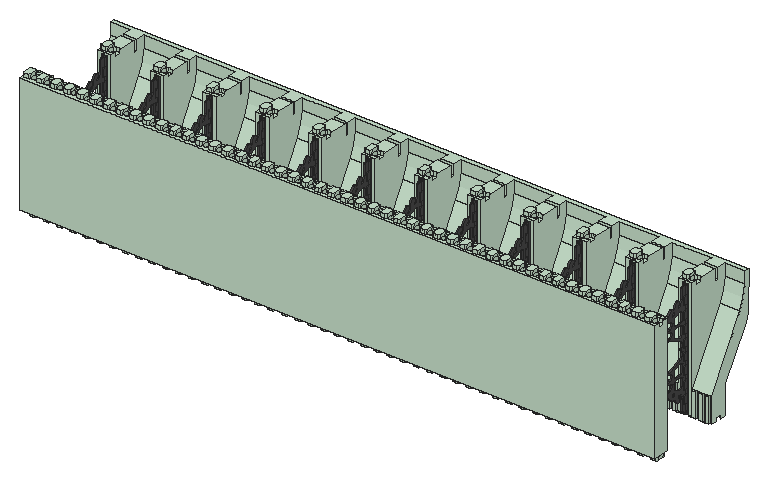
Revit family (continued)
Definition of nested family "8-inch Insert Web"
  Forms (in)
    Extrusion 2, solid, material "High Density Polystyrene"
      sketch origin (0, 0, 0) x (0, 1, 0) y (0, 0, 1)
        loop
          arc (1.30123, 11.31084) -> (1.48146, 11.4496) -> (1.6, 11.64374) r 0.62421
          line (1.6, 11.64374) -> (1.6, 12.05298)
        loop
          arc (-2.08806, 11.06421) -> (-1.87812, 11.24872) -> (-1.8, 11.51707) r 0.5
          line (-1.8, 11.51707) -> (-1.8, 11.62118) -> (-1.8, 11.92798)
          arc (-1.8, 11.92798) -> (-1.94645, 12.28153) -> (-2.3, 12.42798) r 0.5
          line (-2.3, 12.42798) -> (-3.25, 12.42798)
          arc (-3.25, 12.42798) -> (-3.42678, 12.35476) -> (-3.5, 12.17798) r 0.25
          line (-3.5, 12.17798) -> (-3.5, 10.99296)
          arc (-3.5, 10.99296) -> (-3.32627, 10.67655) -> (-2.96605, 10.65332) r 0.375
          line (-2.96605, 10.65332) -> (-2.08806, 11.06421)
        loop
          line (3.21194, 10.33912) -> (1.95372, 10.92796)
          arc (1.95372, 10.92796) -> (1.48851, 11.08642) -> (1, 11.14009) r 2.25
          line (1, 11.14009) -> (0, 11.14009) -> (-1, 11.14009)
          arc (-1, 11.14009) -> (-1.48851, 11.08642) -> (-1.95372, 10.92796) r 2.25
          line (-1.95372, 10.92796) -> (-3.21194, 10.33912)
          arc (-3.21194, 10.33912) -> (-3.42188, 10.15462) -> (-3.5, 9.88626) r 0.5
          line (-3.5, 9.88626) -> (-3.5, 9.31235) -> (-3.38, 9.11235) -> (-3.38, 9) -> (-3.38, 8.88765) -> (-3.5, 8.68765) -> (-3.5, 8.11374)
          arc (-3.5, 8.11374) -> (-3.42188, 7.84538) -> (-3.21194, 7.66088) r 0.5
          line (-3.21194, 7.66088) -> (-1.95372, 7.07204)
          arc (-1.95372, 7.07204) -> (-1.48851, 6.91358) -> (-1, 6.85991) r 2.25
          line (-1, 6.85991) -> (0, 6.85991) -> (1, 6.85991)
          arc (1, 6.85991) -> (1.48851, 6.91358) -> (1.95372, 7.07204) r 2.25
          line (1.95372, 7.07204) -> (3.21194, 7.66088)
          arc (3.21194, 7.66088) -> (3.42188, 7.84538) -> (3.5, 8.11374) r 0.5
          line (3.5, 8.11374) -> (3.5, 8.68765) -> (3.38, 8.88765) -> (3.38, 9) -> (3.38, 9.11235) -> (3.5, 9.31235) -> (3.5, 9.88626)
          arc (3.5, 9.88626) -> (3.42188, 10.15462) -> (3.21194, 10.33912) r 0.5
        loop
          arc (2.96605, 3.61736) -> (3.32627, 3.64059) -> (3.5, 3.95701) r 0.375
          line (3.5, 3.95701) -> (3.5, 5.14202)
          arc (3.5, 5.14202) -> (3.42678, 5.3188) -> (3.25, 5.39202) r 0.25
          line (3.25, 5.39202) -> (2.3, 5.39202)
          arc (2.3, 5.39202) -> (1.94645, 5.24557) -> (1.8, 4.89202) r 0.5
          line (1.8, 4.89202) -> (1.8, 4.48112)
          arc (1.8, 4.48112) -> (1.87812, 4.21276) -> (2.08806, 4.02826) r 0.5
          line (2.08806, 4.02826) -> (2.96605, 3.61736)
        loop
          arc (1.6, 5.01702) -> (1.45481, 5.24683) -> (1.225, 5.39202) r 0.61747
          line (1.225, 5.39202) -> (0, 5.39202) -> (-1.225, 5.39202)
          arc (-1.225, 5.39202) -> (-1.45481, 5.24683) -> (-1.6, 5.01702) r 0.61747
          line (-1.6, 5.01702) -> (-1.6, 4.60778)
          arc (-1.6, 4.60778) -> (-1.48146, 4.41365) -> (-1.30123, 4.27488) r 0.62421
          arc (-1.30123, 4.27488) -> (-1.16288, 4.28773) -> (-1.02401, 4.29202) r 2.25
          line (-1.02401, 4.29202) -> (0, 4.29202) -> (1.02401, 4.29202)
          arc (1.02401, 4.29202) -> (1.16288, 4.28773) -> (1.30123, 4.27488) r 2.25
          arc (1.30123, 4.27488) -> (1.48146, 4.41365) -> (1.6, 4.60778) r 0.62421
          line (1.6, 4.60778) -> (1.6, 5.01702)
        loop
          arc (-2.08806, 4.02826) -> (-1.87812, 4.21276) -> (-1.8, 4.48112) r 0.5
          line (-1.8, 4.48112) -> (-1.8, 4.58522) -> (-1.8, 4.89202)
          arc (-1.8, 4.89202) -> (-1.94645, 5.24557) -> (-2.3, 5.39202) r 0.5
          line (-2.3, 5.39202) -> (-3.25, 5.39202)
          arc (-3.25, 5.39202) -> (-3.42678, 5.3188) -> (-3.5, 5.14202) r 0.25
          line (-3.5, 5.14202) -> (-3.5, 3.95701)
          arc (-3.5, 3.95701) -> (-3.32627, 3.64059) -> (-2.96605, 3.61736) r 0.375
          line (-2.96605, 3.61736) -> (-2.08806, 4.02826)
        loop
          line (2.96605, 7.34668) -> (2.08806, 6.93579)
          arc (2.08806, 6.93579) -> (1.87812, 6.75128) -> (1.8, 6.48293) r 0.5
          line (1.8, 6.48293) -> (1.8, 6.07202)
          arc (1.8, 6.07202) -> (1.94645, 5.71847) -> (2.3, 5.57202) r 0.5
          line (2.3, 5.57202) -> (3.25, 5.57202)
          arc (3.25, 5.57202) -> (3.42678, 5.64524) -> (3.5, 5.82202) r 0.25
          line (3.5, 5.82202) -> (3.5, 7.00704)
          arc (3.5, 7.00704) -> (3.32627, 7.32345) -> (2.96605, 7.34668) r 0.375
        loop
          line (1.6, 5.94702) -> (1.6, 6.35626)
          arc (1.6, 6.35626) -> (1.48146, 6.5504) -> (1.30123, 6.68916) r 0.62421
          arc (1.30123, 6.68916) -> (1.16288, 6.67631) -> (1.02401, 6.67202) r 2.25
          line (1.02401, 6.67202) -> (0, 6.67202) -> (-1.02401, 6.67202)
          arc (-1.02401, 6.67202) -> (-1.16288, 6.67631) -> (-1.30123, 6.68916) r 2.25
          arc (-1.30123, 6.68916) -> (-1.48146, 6.5504) -> (-1.6, 6.35626) r 0.62421
          line (-1.6, 6.35626) -> (-1.6, 5.94702)
          arc (-1.6, 5.94702) -> (-1.45481, 5.71721) -> (-1.225, 5.57202) r 0.61747
          line (-1.225, 5.57202) -> (0, 5.57202) -> (1.225, 5.57202)
          arc (1.225, 5.57202) -> (1.45481, 5.71721) -> (1.6, 5.94702) r 0.61747
        loop
          line (-2.08806, 6.93579) -> (-2.96605, 7.34668)
          arc (-2.96605, 7.34668) -> (-3.32627, 7.32345) -> (-3.5, 7.00704) r 0.375
          line (-3.5, 7.00704) -> (-3.5, 5.82202)
          arc (-3.5, 5.82202) -> (-3.42678, 5.64524) -> (-3.25, 5.57202) r 0.25
          line (-3.25, 5.57202) -> (-2.3, 5.57202)
          arc (-2.3, 5.57202) -> (-1.94645, 5.71847) -> (-1.8, 6.07202) r 0.5
          line (-1.8, 6.07202) -> (-1.8, 6.37882) -> (-1.8, 6.48293)
          arc (-1.8, 6.48293) -> (-1.87812, 6.75128) -> (-2.08806, 6.93579) r 0.5
      from 0.125 to -0.125
    Extrusion 3, solid, material "High Density Polystyrene"
      sketch origin (0, 0, 0) x (0, 1, 0) y (0, 0, 1)
        loop
          line (4.21, 16.17792) -> (3.71, 16.17792) -> (3.71, 14.97792) -> (4.21, 14.97792) -> (4.21, 16.17792)
        loop
          line (4.21, 14.22792) -> (3.71, 14.22792) -> (3.71, 13.02792) -> (4.21, 13.02792) -> (4.21, 14.22792)
        loop
          line (4.21, 12.27792) -> (3.71, 12.27792) -> (3.71, 11.07792) -> (4.21, 11.07792) -> (4.21, 12.27792)
        loop
          line (4.21, 10.32792) -> (3.71, 10.32792) -> (3.71, 9.24792) -> (4.21, 9.24792) -> (4.21, 10.32792)
        loop
          line (4.21, 8.49792) -> (3.71, 8.49792) -> (3.71, 7.41792) -> (4.21, 7.41792) -> (4.21, 8.49792)
        loop
          line (4.21, 6.66792) -> (3.71, 6.66792) -> (3.71, 5.46792) -> (4.21, 5.46792) -> (4.21, 6.66792)
        loop
          line (4.21, 4.71792) -> (3.71, 4.71792) -> (3.71, 3.51792) -> (4.21, 3.51792) -> (4.21, 4.71792)
        loop
          line (4.21, 2.76792) -> (3.71, 2.76792) -> (3.71, 1.56792) -> (4.21, 1.56792) -> (4.21, 2.76792)
        loop
          line (-4.21, 16.17792) -> (-4.21, 14.97792) -> (-3.71, 14.97792) -> (-3.71, 16.17792) -> (-4.21, 16.17792)
        loop
          line (-4.21, 14.22792) -> (-4.21, 13.02792) -> (-3.71, 13.02792) -> (-3.71, 14.22792) -> (-4.21, 14.22792)
        loop
          line (-4.21, 12.27792) -> (-4.21, 11.07792) -> (-3.71, 11.07792) -> (-3.71, 12.27792) -> (-4.21, 12.27792)
        loop
          line (-4.21, 10.32792) -> (-4.21, 9.24792) -> (-3.71, 9.24792) -> (-3.71, 10.32792) -> (-4.21, 10.32792)
        loop
          line (-4.21, 8.49792) -> (-4.21, 7.41792) -> (-3.71, 7.41792) -> (-3.71, 8.49792) -> (-4.21, 8.49792)
        loop
          line (-4.21, 6.66792) -> (-4.21, 5.46792) -> (-3.71, 5.46792) -> (-3.71, 6.66792) -> (-4.21, 6.66792)
        loop
          line (-4.21, 4.71792) -> (-4.21, 3.51792) -> (-3.71, 3.51792) -> (-3.71, 4.71792) -> (-4.21, 4.71792)
        loop
          line (-4.21, 2.76792) -> (-4.21, 1.56792) -> (-3.71, 1.56792) -> (-3.71, 2.76792) -> (-4.21, 2.76792)
      from 0.25 to -0.25
    Extrusion 4, void
      sketch origin (0, 1, 0) x (1, 0, 0) y (0, 1, 0)
        loop
          line (-0.25, 2.79249) -> (-0.25, 2.71) -> (-0.1675, 2.71)
          arc (-0.1675, 2.71) -> (-0.22584, 2.73416) -> (-0.25, 2.79249) r 0.0825
      from 0 to 18
    Extrusion 5, void
      sketch origin (0, 1, 0) x (-1, 0, 0) y (0, -1, 0)
        loop
          arc (-0.25, -2.79249) -> (-0.22584, -2.73416) -> (-0.1675, -2.71) r 0.0825
          line (-0.1675, -2.71) -> (-0.25, -2.71) -> (-0.25, -2.79249)
      from 0 to 18
    Extrusion 6, void
      sketch origin (0, -1, 0) x (1, 0, 0) y (0, 1, 0)
        loop
          arc (-0.25, -2.79249) -> (-0.22584, -2.73416) -> (-0.1675, -2.71) r 0.0825
          line (-0.1675, -2.71) -> (-0.25, -2.71) -> (-0.25, -2.79249)
      from 0 to 18
    Extrusion 7, void
      sketch origin (0, -1, 0) x (-1, 0, 0) y (0, -1, 0)
        loop
          line (-0.25, 2.79249) -> (-0.25, 2.71) -> (-0.1675, 2.71)
          arc (-0.1675, 2.71) -> (-0.22584, 2.73416) -> (-0.25, 2.79249) r 0.0825
      from 0 to 18
  Cuts and joins
    Extrusion 4, Extrusion 5, Extrusion 6, Extrusion 7 cuts Extrusion 1
    Extrusion 4, Extrusion 5, Extrusion 6, Extrusion 7 cuts Extrusion 3
Definition of nested family "NUDURA Diamond Pattern"
  Reference planes (in)
    plane 1 "Center (Front/Back)": y = 0
    plane 2: z = 0
    plane 3 "Center (Left/Right)": x = 0
    plane 4: z = 18
  Lines and regions (in)
    model lines
      curve 1: line (8, -5.625, 18) -> (8, -5.625, 0)
      curve 2: line (6, -5.625, 18) -> (6, -5.625, 0)
      curve 3: line (2, -5.625, 18) -> (2, -5.625, 0)
      curve 4: line (3.35367, -5.625, 16.98484) -> (3.69709, -5.625, 16.64142)
      curve 5: arc (3.35367, -5.625, 17.51517) -> (3.24384, -5.625, 17.25) -> (3.35367, -5.625, 16.98484) r 0.375
      curve 6: line (3.72867, -5.625, 17.89017) -> (3.35367, -5.625, 17.51517)
      curve 7: arc (4.259, -5.625, 17.89017) -> (3.99384, -5.625, 18) -> (3.72867, -5.625, 17.89017) r 0.375
      curve 8: line (4.634, -5.625, 17.51517) -> (4.259, -5.625, 17.89017)
      curve 9: arc (4.634, -5.625, 16.98484) -> (4.74384, -5.625, 17.25) -> (4.634, -5.625, 17.51517) r 0.375
      curve 10: line (4.29059, -5.625, 16.64142) -> (4.634, -5.625, 16.98484)
      curve 11: arc (4.17062, -5.625, 17.80178) -> (3.99384, -5.625, 17.875) -> (3.81706, -5.625, 17.80178) r 0.25
      curve 12: line (4.54562, -5.625, 17.42678) -> (4.17062, -5.625, 17.80178)
      curve 13: arc (4.54562, -5.625, 17.07322) -> (4.61884, -5.625, 17.25) -> (4.54562, -5.625, 17.42678) r 0.25
      curve 14: line (4.17062, -5.625, 16.69822) -> (4.54562, -5.625, 17.07322)
      curve 15: arc (3.81706, -5.625, 16.69822) -> (3.99384, -5.625, 16.625) -> (4.17062, -5.625, 16.69822) r 0.25
      curve 16: line (3.44206, -5.625, 17.07322) -> (3.81706, -5.625, 16.69822)
      curve 17: arc (3.44206, -5.625, 17.42678) -> (3.36884, -5.625, 17.25) -> (3.44206, -5.625, 17.07322) r 0.25
      curve 18: line (3.81706, -5.625, 17.80178) -> (3.44206, -5.625, 17.42678)
      curve 19: arc (3.69709, -5.625, 16.35858) -> (3.75567, -5.625, 16.5) -> (3.69709, -5.625, 16.64142) r 0.2
      curve 20: line (4.634, -5.625, 16.01517) -> (4.29059, -5.625, 16.35858)
      curve 21: arc (4.634, -5.625, 15.48484) -> (4.74384, -5.625, 15.75) -> (4.634, -5.625, 16.01517) r 0.375
      curve 22: line (4.29059, -5.625, 15.14142) -> (4.634, -5.625, 15.48484)
      curve 23: line (3.35367, -5.625, 15.48484) -> (3.69709, -5.625, 15.14142)
      curve 24: arc (3.35367, -5.625, 16.01517) -> (3.24384, -5.625, 15.75) -> (3.35367, -5.625, 15.48484) r 0.375
      curve 25: line (3.69709, -5.625, 16.35858) -> (3.35367, -5.625, 16.01517)
      curve 26: arc (4.17062, -5.625, 16.30178) -> (3.99384, -5.625, 16.375) -> (3.81706, -5.625, 16.30178) r 0.25
      curve 27: line (3.81706, -5.625, 16.30178) -> (3.44206, -5.625, 15.92678)
      curve 28: arc (3.44206, -5.625, 15.92678) -> (3.36884, -5.625, 15.75) -> (3.44206, -5.625, 15.57322) r 0.25
      curve 29: line (3.44206, -5.625, 15.57322) -> (3.81706, -5.625, 15.19822)
      curve 30: arc (3.81706, -5.625, 15.19822) -> (3.99384, -5.625, 15.125) -> (4.17062, -5.625, 15.19822) r 0.25
      curve 31: line (4.17062, -5.625, 15.19822) -> (4.54562, -5.625, 15.57322)
      curve 32: arc (4.54562, -5.625, 15.57322) -> (4.61884, -5.625, 15.75) -> (4.54562, -5.625, 15.92678) r 0.25
      curve 33: line (4.54562, -5.625, 15.92678) -> (4.17062, -5.625, 16.30178)
      curve 34: arc (3.69709, -5.625, 14.85858) -> (3.75567, -5.625, 15) -> (3.69709, -5.625, 15.14142) r 0.2
      curve 35: line (4.634, -5.625, 14.51517) -> (4.29059, -5.625, 14.85858)
      curve 36: arc (4.634, -5.625, 13.98484) -> (4.74384, -5.625, 14.25) -> (4.634, -5.625, 14.51517) r 0.375
      curve 37: line (4.29059, -5.625, 13.64142) -> (4.634, -5.625, 13.98484)
      curve 38: line (3.35367, -5.625, 13.98484) -> (3.69709, -5.625, 13.64142)
      curve 39: arc (3.35367, -5.625, 14.51517) -> (3.24384, -5.625, 14.25) -> (3.35367, -5.625, 13.98484) r 0.375
      curve 40: line (3.69709, -5.625, 14.85858) -> (3.35367, -5.625, 14.51517)
      curve 41: arc (4.17062, -5.625, 14.80178) -> (3.99384, -5.625, 14.875) -> (3.81706, -5.625, 14.80178) r 0.25
      curve 42: line (3.81706, -5.625, 14.80178) -> (3.44206, -5.625, 14.42678)
      curve 43: arc (3.44206, -5.625, 14.42678) -> (3.36884, -5.625, 14.25) -> (3.44206, -5.625, 14.07322) r 0.25
      curve 44: line (3.44206, -5.625, 14.07322) -> (3.81706, -5.625, 13.69822)
      curve 45: arc (3.81706, -5.625, 13.69822) -> (3.99384, -5.625, 13.625) -> (4.17062, -5.625, 13.69822) r 0.25
      curve 46: line (4.17062, -5.625, 13.69822) -> (4.54562, -5.625, 14.07322)
      curve 47: arc (4.54562, -5.625, 14.07322) -> (4.61884, -5.625, 14.25) -> (4.54562, -5.625, 14.42678) r 0.25
      curve 48: line (4.54562, -5.625, 14.42678) -> (4.17062, -5.625, 14.80178)
      curve 49: arc (3.69709, -5.625, 13.35858) -> (3.75567, -5.625, 13.5) -> (3.69709, -5.625, 13.64142) r 0.2
      curve 50: line (4.634, -5.625, 13.01517) -> (4.29059, -5.625, 13.35858)
      curve 51: arc (4.634, -5.625, 12.48484) -> (4.74384, -5.625, 12.75) -> (4.634, -5.625, 13.01517) r 0.375
      curve 52: line (4.29059, -5.625, 12.14142) -> (4.634, -5.625, 12.48484)
      curve 53: line (3.35367, -5.625, 12.48484) -> (3.69709, -5.625, 12.14142)
      curve 54: arc (3.35367, -5.625, 13.01517) -> (3.24384, -5.625, 12.75) -> (3.35367, -5.625, 12.48484) r 0.375
      curve 55: line (3.69709, -5.625, 13.35858) -> (3.35367, -5.625, 13.01517)
      curve 56: arc (4.17062, -5.625, 13.30178) -> (3.99384, -5.625, 13.375) -> (3.81706, -5.625, 13.30178) r 0.25
      curve 57: line (3.81706, -5.625, 13.30178) -> (3.44206, -5.625, 12.92678)
      curve 58: arc (3.44206, -5.625, 12.92678) -> (3.36884, -5.625, 12.75) -> (3.44206, -5.625, 12.57322) r 0.25
      curve 59: line (3.44206, -5.625, 12.57322) -> (3.81706, -5.625, 12.19822)
      curve 60: arc (3.81706, -5.625, 12.19822) -> (3.99384, -5.625, 12.125) -> (4.17062, -5.625, 12.19822) r 0.25
      curve 61: line (4.17062, -5.625, 12.19822) -> (4.54562, -5.625, 12.57322)
      curve 62: arc (4.54562, -5.625, 12.57322) -> (4.61884, -5.625, 12.75) -> (4.54562, -5.625, 12.92678) r 0.25
      curve 63: line (4.54562, -5.625, 12.92678) -> (4.17062, -5.625, 13.30178)
      curve 64: arc (3.69709, -5.625, 11.85858) -> (3.75567, -5.625, 12) -> (3.69709, -5.625, 12.14142) r 0.2
      curve 65: line (4.634, -5.625, 11.51517) -> (4.29059, -5.625, 11.85858)
      curve 66: arc (4.634, -5.625, 10.98484) -> (4.74384, -5.625, 11.25) -> (4.634, -5.625, 11.51517) r 0.375
      curve 67: line (4.29059, -5.625, 10.64142) -> (4.634, -5.625, 10.98484)
      curve 68: line (3.35367, -5.625, 10.98484) -> (3.69709, -5.625, 10.64142)
      curve 69: arc (3.35367, -5.625, 11.51517) -> (3.24384, -5.625, 11.25) -> (3.35367, -5.625, 10.98484) r 0.375
      curve 70: line (3.69709, -5.625, 11.85858) -> (3.35367, -5.625, 11.51517)
      curve 71: arc (4.17062, -5.625, 11.80178) -> (3.99384, -5.625, 11.875) -> (3.81706, -5.625, 11.80178) r 0.25
      curve 72: line (3.81706, -5.625, 11.80178) -> (3.44206, -5.625, 11.42678)
      curve 73: arc (3.44206, -5.625, 11.42678) -> (3.36884, -5.625, 11.25) -> (3.44206, -5.625, 11.07322) r 0.25
      curve 74: line (3.44206, -5.625, 11.07322) -> (3.81706, -5.625, 10.69822)
      curve 75: arc (3.81706, -5.625, 10.69822) -> (3.99384, -5.625, 10.625) -> (4.17062, -5.625, 10.69822) r 0.25
      curve 76: line (4.17062, -5.625, 10.69822) -> (4.54562, -5.625, 11.07322)
      curve 77: arc (4.54562, -5.625, 11.07322) -> (4.61884, -5.625, 11.25) -> (4.54562, -5.625, 11.42678) r 0.25
      curve 78: line (4.54562, -5.625, 11.42678) -> (4.17062, -5.625, 11.80178)
      curve 79: arc (3.69709, -5.625, 10.35858) -> (3.75567, -5.625, 10.5) -> (3.69709, -5.625, 10.64142) r 0.2
      curve 80: line (4.634, -5.625, 10.01517) -> (4.29059, -5.625, 10.35858)
      curve 81: arc (4.634, -5.625, 9.48484) -> (4.74384, -5.625, 9.75) -> (4.634, -5.625, 10.01517) r 0.375
      curve 82: line (4.29059, -5.625, 9.14142) -> (4.634, -5.625, 9.48484)
      curve 83: line (3.35367, -5.625, 9.48484) -> (3.69709, -5.625, 9.14142)
      curve 84: arc (3.35367, -5.625, 10.01517) -> (3.24384, -5.625, 9.75) -> (3.35367, -5.625, 9.48484) r 0.375
      curve 85: line (3.69709, -5.625, 10.35858) -> (3.35367, -5.625, 10.01517)
      curve 86: arc (4.17062, -5.625, 10.30178) -> (3.99384, -5.625, 10.375) -> (3.81706, -5.625, 10.30178) r 0.25
      curve 87: line (3.81706, -5.625, 10.30178) -> (3.44206, -5.625, 9.92678)
      curve 88: arc (3.44206, -5.625, 9.92678) -> (3.36884, -5.625, 9.75) -> (3.44206, -5.625, 9.57322) r 0.25
      curve 89: line (3.44206, -5.625, 9.57322) -> (3.81706, -5.625, 9.19822)
      curve 90: arc (3.81706, -5.625, 9.19822) -> (3.99384, -5.625, 9.125) -> (4.17062, -5.625, 9.19822) r 0.25
      curve 91: line (4.17062, -5.625, 9.19822) -> (4.54562, -5.625, 9.57322)
      curve 92: arc (4.54562, -5.625, 9.57322) -> (4.61884, -5.625, 9.75) -> (4.54562, -5.625, 9.92678) r 0.25
      curve 93: line (4.54562, -5.625, 9.92678) -> (4.17062, -5.625, 10.30178)
      curve 94: arc (3.69709, -5.625, 8.85858) -> (3.75567, -5.625, 9) -> (3.69709, -5.625, 9.14142) r 0.2
      curve 95: line (4.634, -5.625, 8.51517) -> (4.29059, -5.625, 8.85858)
      curve 96: arc (4.634, -5.625, 7.98484) -> (4.74384, -5.625, 8.25) -> (4.634, -5.625, 8.51517) r 0.375
      curve 97: line (4.29059, -5.625, 7.64142) -> (4.634, -5.625, 7.98484)
      curve 98: line (3.35367, -5.625, 7.98484) -> (3.69709, -5.625, 7.64142)
      curve 99: arc (3.35367, -5.625, 8.51517) -> (3.24384, -5.625, 8.25) -> (3.35367, -5.625, 7.98484) r 0.375
      curve 100: line (3.69709, -5.625, 8.85858) -> (3.35367, -5.625, 8.51517)
      curve 101: arc (4.17062, -5.625, 8.80178) -> (3.99384, -5.625, 8.875) -> (3.81706, -5.625, 8.80178) r 0.25
      curve 102: line (3.81706, -5.625, 8.80178) -> (3.44206, -5.625, 8.42678)
      curve 103: arc (3.44206, -5.625, 8.42678) -> (3.36884, -5.625, 8.25) -> (3.44206, -5.625, 8.07322) r 0.25
      curve 104: line (3.44206, -5.625, 8.07322) -> (3.81706, -5.625, 7.69822)
      curve 105: arc (3.81706, -5.625, 7.69822) -> (3.99384, -5.625, 7.625) -> (4.17062, -5.625, 7.69822) r 0.25
      curve 106: line (4.17062, -5.625, 7.69822) -> (4.54562, -5.625, 8.07322)
      curve 107: arc (4.54562, -5.625, 8.07322) -> (4.61884, -5.625, 8.25) -> (4.54562, -5.625, 8.42678) r 0.25
      curve 108: line (4.54562, -5.625, 8.42678) -> (4.17062, -5.625, 8.80178)
      curve 109: arc (3.69709, -5.625, 7.35858) -> (3.75567, -5.625, 7.5) -> (3.69709, -5.625, 7.64142) r 0.2
      curve 110: line (4.634, -5.625, 7.01517) -> (4.29059, -5.625, 7.35858)
      curve 111: arc (4.634, -5.625, 6.48484) -> (4.74384, -5.625, 6.75) -> (4.634, -5.625, 7.01517) r 0.375
      curve 112: line (4.29059, -5.625, 6.14142) -> (4.634, -5.625, 6.48484)
      curve 113: line (3.35367, -5.625, 6.48484) -> (3.69709, -5.625, 6.14142)
      curve 114: arc (3.35367, -5.625, 7.01517) -> (3.24384, -5.625, 6.75) -> (3.35367, -5.625, 6.48484) r 0.375
      curve 115: line (3.69709, -5.625, 7.35858) -> (3.35367, -5.625, 7.01517)
      curve 116: arc (4.17062, -5.625, 7.30178) -> (3.99384, -5.625, 7.375) -> (3.81706, -5.625, 7.30178) r 0.25
      curve 117: line (3.81706, -5.625, 7.30178) -> (3.44206, -5.625, 6.92678)
      curve 118: arc (3.44206, -5.625, 6.92678) -> (3.36884, -5.625, 6.75) -> (3.44206, -5.625, 6.57322) r 0.25
      curve 119: line (3.44206, -5.625, 6.57322) -> (3.81706, -5.625, 6.19822)
      curve 120: arc (3.81706, -5.625, 6.19822) -> (3.99384, -5.625, 6.125) -> (4.17062, -5.625, 6.19822) r 0.25
      curve 121: line (4.17062, -5.625, 6.19822) -> (4.54562, -5.625, 6.57322)
      curve 122: arc (4.54562, -5.625, 6.57322) -> (4.61884, -5.625, 6.75) -> (4.54562, -5.625, 6.92678) r 0.25
      curve 123: line (4.54562, -5.625, 6.92678) -> (4.17062, -5.625, 7.30178)
      curve 124: arc (3.69709, -5.625, 5.85858) -> (3.75567, -5.625, 6) -> (3.69709, -5.625, 6.14142) r 0.2
      curve 125: line (4.634, -5.625, 5.51517) -> (4.29059, -5.625, 5.85858)
      curve 126: arc (4.634, -5.625, 4.98484) -> (4.74384, -5.625, 5.25) -> (4.634, -5.625, 5.51517) r 0.375
      curve 127: line (4.29059, -5.625, 4.64142) -> (4.634, -5.625, 4.98484)
      curve 128: line (3.35367, -5.625, 4.98484) -> (3.69709, -5.625, 4.64142)
      curve 129: arc (3.35367, -5.625, 5.51517) -> (3.24384, -5.625, 5.25) -> (3.35367, -5.625, 4.98484) r 0.375
      curve 130: line (3.69709, -5.625, 5.85858) -> (3.35367, -5.625, 5.51517)
      curve 131: arc (4.17062, -5.625, 5.80178) -> (3.99384, -5.625, 5.875) -> (3.81706, -5.625, 5.80178) r 0.25
      curve 132: line (3.81706, -5.625, 5.80178) -> (3.44206, -5.625, 5.42678)
      curve 133: arc (3.44206, -5.625, 5.42678) -> (3.36884, -5.625, 5.25) -> (3.44206, -5.625, 5.07322) r 0.25
      curve 134: line (3.44206, -5.625, 5.07322) -> (3.81706, -5.625, 4.69822)
      curve 135: arc (3.81706, -5.625, 4.69822) -> (3.99384, -5.625, 4.625) -> (4.17062, -5.625, 4.69822) r 0.25
      curve 136: line (4.17062, -5.625, 4.69822) -> (4.54562, -5.625, 5.07322)
      curve 137: arc (4.54562, -5.625, 5.07322) -> (4.61884, -5.625, 5.25) -> (4.54562, -5.625, 5.42678) r 0.25
      curve 138: line (4.54562, -5.625, 5.42678) -> (4.17062, -5.625, 5.80178)
      curve 139: arc (3.69709, -5.625, 4.35858) -> (3.75567, -5.625, 4.5) -> (3.69709, -5.625, 4.64142) r 0.2
      curve 140: line (4.634, -5.625, 4.01517) -> (4.29059, -5.625, 4.35858)
      curve 141: arc (4.634, -5.625, 3.48484) -> (4.74384, -5.625, 3.75) -> (4.634, -5.625, 4.01517) r 0.375
      curve 142: line (4.29059, -5.625, 3.14142) -> (4.634, -5.625, 3.48484)
      curve 143: line (3.35367, -5.625, 3.48484) -> (3.69709, -5.625, 3.14142)
      curve 144: arc (3.35367, -5.625, 4.01517) -> (3.24384, -5.625, 3.75) -> (3.35367, -5.625, 3.48484) r 0.375
      curve 145: line (3.69709, -5.625, 4.35858) -> (3.35367, -5.625, 4.01517)
      curve 146: arc (4.17062, -5.625, 4.30178) -> (3.99384, -5.625, 4.375) -> (3.81706, -5.625, 4.30178) r 0.25
      curve 147: line (3.81706, -5.625, 4.30178) -> (3.44206, -5.625, 3.92678)
      curve 148: arc (3.44206, -5.625, 3.92678) -> (3.36884, -5.625, 3.75) -> (3.44206, -5.625, 3.57322) r 0.25
      curve 149: line (3.44206, -5.625, 3.57322) -> (3.81706, -5.625, 3.19822)
      curve 150: arc (3.81706, -5.625, 3.19822) -> (3.99384, -5.625, 3.125) -> (4.17062, -5.625, 3.19822) r 0.25
      curve 151: line (4.17062, -5.625, 3.19822) -> (4.54562, -5.625, 3.57322)
      curve 152: arc (4.54562, -5.625, 3.57322) -> (4.61884, -5.625, 3.75) -> (4.54562, -5.625, 3.92678) r 0.25
      curve 153: line (4.54562, -5.625, 3.92678) -> (4.17062, -5.625, 4.30178)
      curve 154: arc (3.69709, -5.625, 2.85858) -> (3.75567, -5.625, 3) -> (3.69709, -5.625, 3.14142) r 0.2
      curve 155: line (4.634, -5.625, 2.51517) -> (4.29059, -5.625, 2.85858)
      curve 156: arc (4.634, -5.625, 1.98484) -> (4.74384, -5.625, 2.25) -> (4.634, -5.625, 2.51517) r 0.375
      curve 157: line (4.29059, -5.625, 1.64142) -> (4.634, -5.625, 1.98484)
      curve 158: line (3.35367, -5.625, 1.98484) -> (3.69709, -5.625, 1.64142)
      curve 159: arc (3.35367, -5.625, 2.51517) -> (3.24384, -5.625, 2.25) -> (3.35367, -5.625, 1.98484) r 0.375
      curve 160: line (3.69709, -5.625, 2.85858) -> (3.35367, -5.625, 2.51517)
      curve 161: arc (4.17062, -5.625, 2.80178) -> (3.99384, -5.625, 2.875) -> (3.81706, -5.625, 2.80178) r 0.25
      curve 162: line (3.81706, -5.625, 2.80178) -> (3.44206, -5.625, 2.42678)
      curve 163: arc (3.44206, -5.625, 2.42678) -> (3.36884, -5.625, 2.25) -> (3.44206, -5.625, 2.07322) r 0.25
      curve 164: line (3.44206, -5.625, 2.07322) -> (3.81706, -5.625, 1.69822)
      curve 165: arc (3.81706, -5.625, 1.69822) -> (3.99384, -5.625, 1.625) -> (4.17062, -5.625, 1.69822) r 0.25
      curve 166: line (4.17062, -5.625, 1.69822) -> (4.54562, -5.625, 2.07322)
      curve 167: arc (4.54562, -5.625, 2.07322) -> (4.61884, -5.625, 2.25) -> (4.54562, -5.625, 2.42678) r 0.25
      curve 168: line (4.54562, -5.625, 2.42678) -> (4.17062, -5.625, 2.80178)
      curve 169: arc (3.69709, -5.625, 1.35858) -> (3.75567, -5.625, 1.5) -> (3.69709, -5.625, 1.64142) r 0.2
      curve 170: line (3.69709, -5.625, 1.35858) -> (3.35367, -5.625, 1.01517)
      curve 171: arc (3.35367, -5.625, 1.01517) -> (3.24384, -5.625, 0.75) -> (3.35367, -5.625, 0.48484) r 0.375
      curve 172: line (3.35367, -5.625, 0.48484) -> (3.72867, -5.625, 0.10984)
      curve 173: arc (3.72867, -5.625, 0.10984) -> (3.99384, -5.625, 0) -> (4.259, -5.625, 0.10984) r 0.375
      curve 174: line (4.259, -5.625, 0.10984) -> (4.634, -5.625, 0.48484)
      curve 175: arc (4.634, -5.625, 0.48484) -> (4.74384, -5.625, 0.75) -> (4.634, -5.625, 1.01517) r 0.375
      curve 176: line (4.634, -5.625, 1.01517) -> (4.29059, -5.625, 1.35858)
      curve 177: arc (4.29059, -5.625, 1.64142) -> (4.23201, -5.625, 1.5) -> (4.29059, -5.625, 1.35858) r 0.2
      curve 178: arc (4.17062, -5.625, 1.30178) -> (3.99384, -5.625, 1.375) -> (3.81706, -5.625, 1.30178) r 0.25
      curve 179: line (4.54562, -5.625, 0.92678) -> (4.17062, -5.625, 1.30178)
      curve 180: arc (4.54562, -5.625, 0.57322) -> (4.61884, -5.625, 0.75) -> (4.54562, -5.625, 0.92678) r 0.25
      curve 181: line (4.17062, -5.625, 0.19822) -> (4.54562, -5.625, 0.57322)
      curve 182: arc (3.81706, -5.625, 0.19822) -> (3.99384, -5.625, 0.125) -> (4.17062, -5.625, 0.19822) r 0.25
      curve 183: line (3.44206, -5.625, 0.57322) -> (3.81706, -5.625, 0.19822)
      curve 184: arc (3.44206, -5.625, 0.92678) -> (3.36884, -5.625, 0.75) -> (3.44206, -5.625, 0.57322) r 0.25
      curve 185: line (3.81706, -5.625, 1.30178) -> (3.44206, -5.625, 0.92678)
      curve 186: arc (4.29059, -5.625, 3.14142) -> (4.23201, -5.625, 3) -> (4.29059, -5.625, 2.85858) r 0.2
      curve 187: arc (4.29059, -5.625, 4.64142) -> (4.23201, -5.625, 4.5) -> (4.29059, -5.625, 4.35858) r 0.2
      curve 188: arc (4.29059, -5.625, 6.14142) -> (4.23201, -5.625, 6) -> (4.29059, -5.625, 5.85858) r 0.2
      curve 189: arc (4.29059, -5.625, 7.64142) -> (4.23201, -5.625, 7.5) -> (4.29059, -5.625, 7.35858) r 0.2
      curve 190: arc (4.29059, -5.625, 9.14142) -> (4.23201, -5.625, 9) -> (4.29059, -5.625, 8.85858) r 0.2
      curve 191: arc (4.29059, -5.625, 10.64142) -> (4.23201, -5.625, 10.5) -> (4.29059, -5.625, 10.35858) r 0.2
      curve 192: arc (4.29059, -5.625, 12.14142) -> (4.23201, -5.625, 12) -> (4.29059, -5.625, 11.85858) r 0.2
      curve 193: arc (4.29059, -5.625, 13.64142) -> (4.23201, -5.625, 13.5) -> (4.29059, -5.625, 13.35858) r 0.2
      curve 194: arc (4.29059, -5.625, 15.14142) -> (4.23201, -5.625, 15) -> (4.29059, -5.625, 14.85858) r 0.2
      curve 195: arc (4.29059, -5.625, 16.64142) -> (4.23201, -5.625, 16.5) -> (4.29059, -5.625, 16.35858) r 0.2
Definition of nested family "NUDURA Logo Diamond"
  Reference planes (in)
    plane 1 "Center (Front/Back)": y = 0
    plane 2: z = 0
    plane 3 "Center (Left/Right)": x = 0
  Lines and regions (in)
    model lines
      curve 1: line (12.59848, 0, 17.50104) -> (12.24492, 0, 17.85459)
      curve 2: line (12.36113, 0, 16.76872) -> (12.59848, 0, 17.00607)
      curve 3: line (12.59848, 0, 16.00104) -> (12.36113, 0, 16.23839)
      curve 4: line (12.36113, 0, 15.26872) -> (12.59848, 0, 15.50607)
      curve 5: line (12.59848, 0, 14.50104) -> (12.36113, 0, 14.73839)
      curve 6: line (12.36113, 0, 13.76872) -> (12.59848, 0, 14.00607)
      curve 7: line (12.17421, 0, 13.28388) -> (12.71208, 0, 12.74602)
      curve 8: line (12.71208, 0, 12.74602) -> (12.78279, 0, 12.81673)
      curve 9: line (11.28279, 0, 12.74602) -> (11.82066, 0, 13.28388)
      curve 10: line (11.63374, 0, 13.23839) -> (11.21208, 0, 12.81673)
      curve 11: line (11.3964, 0, 14.00607) -> (11.63374, 0, 13.76872)
      curve 12: line (11.63374, 0, 14.73839) -> (11.3964, 0, 14.50104)
      curve 13: line (11.3964, 0, 15.50607) -> (11.63374, 0, 15.26872)
      curve 14: line (11.63374, 0, 16.23839) -> (11.3964, 0, 16.00104)
      curve 15: line (11.3964, 0, 17.00607) -> (11.63374, 0, 16.76872)
      curve 16: line (11.74995, 0, 17.85459) -> (11.3964, 0, 17.50104)
      curve 17: line (11.82066, 0, 17.78388) -> (11.46711, 0, 17.43033)
      curve 18: line (12.52777, 0, 17.43033) -> (12.17421, 0, 17.78388)
      curve 19: line (12.17421, 0, 16.72322) -> (12.52777, 0, 17.07678)
      curve 20: line (11.46711, 0, 17.07678) -> (11.82066, 0, 16.72322)
      curve 21: arc (11.3964, 0, 17.50104) -> (11.29388, 0, 17.25355) -> (11.3964, 0, 17.00607) r 0.35
      curve 22: arc (11.74995, 0, 17.85459) -> (11.99744, 0, 17.95711) -> (12.24492, 0, 17.85459) r 0.35
      curve 23: arc (11.46711, 0, 17.43033) -> (11.39388, 0, 17.25355) -> (11.46711, 0, 17.07678) r 0.25
      curve 24: arc (12.52777, 0, 17.43033) -> (12.60099, 0, 17.25355) -> (12.52777, 0, 17.07678) r 0.25
      curve 25: arc (12.17421, 0, 16.72322) -> (11.99744, 0, 16.65) -> (11.82066, 0, 16.72322) r 0.25
      curve 26: arc (11.82066, 0, 17.78388) -> (11.99744, 0, 17.85711) -> (12.17421, 0, 17.78388) r 0.25
      curve 27: arc (12.59848, 0, 17.50104) -> (12.70099, 0, 17.25355) -> (12.59848, 0, 17.00607) r 0.35
      curve 28: arc (11.63374, 0, 16.76872) -> (11.74358, 0, 16.50355) -> (11.63374, 0, 16.23839) r 0.375
      curve 29: arc (12.36113, 0, 16.76872) -> (12.2513, 0, 16.50355) -> (12.36113, 0, 16.23839) r 0.375
      curve 30: line (12.36113, 0, 15.26872) -> (12.59848, 0, 15.50607)
      curve 31: line (11.3964, 0, 15.50607) -> (11.63374, 0, 15.26872)
      curve 32: line (11.82066, 0, 16.28388) -> (11.46711, 0, 15.93033)
      curve 33: line (12.52777, 0, 15.93033) -> (12.17421, 0, 16.28388)
      curve 34: line (12.17421, 0, 15.22322) -> (12.52777, 0, 15.57678)
      curve 35: line (11.46711, 0, 15.57678) -> (11.82066, 0, 15.22322)
      curve 36: arc (11.3964, 0, 16.00104) -> (11.29388, 0, 15.75355) -> (11.3964, 0, 15.50607) r 0.35
      curve 37: arc (11.46711, 0, 15.93033) -> (11.39388, 0, 15.75355) -> (11.46711, 0, 15.57678) r 0.25
      curve 38: arc (12.52777, 0, 15.93033) -> (12.60099, 0, 15.75355) -> (12.52777, 0, 15.57678) r 0.25
      curve 39: arc (12.17421, 0, 15.22322) -> (11.99744, 0, 15.15) -> (11.82066, 0, 15.22322) r 0.25
      curve 40: arc (11.82066, 0, 16.28388) -> (11.99744, 0, 16.35711) -> (12.17421, 0, 16.28388) r 0.25
      curve 41: arc (12.59848, 0, 16.00104) -> (12.70099, 0, 15.75355) -> (12.59848, 0, 15.50607) r 0.35
      curve 42: line (11.63374, 0, 16.23839) -> (11.3964, 0, 16.00104)
      curve 43: line (12.59848, 0, 16.00104) -> (12.36113, 0, 16.23839)
      curve 44: arc (11.63374, 0, 15.26872) -> (11.74358, 0, 15.00355) -> (11.63374, 0, 14.73839) r 0.375
      curve 45: arc (12.36113, 0, 15.26872) -> (12.2513, 0, 15.00355) -> (12.36113, 0, 14.73839) r 0.375
      curve 46: line (12.36113, 0, 13.76872) -> (12.59848, 0, 14.00607)
      curve 47: line (11.3964, 0, 14.00607) -> (11.63374, 0, 13.76872)
      curve 48: line (11.82066, 0, 14.78388) -> (11.46711, 0, 14.43033)
      curve 49: line (12.52777, 0, 14.43033) -> (12.17421, 0, 14.78388)
      curve 50: line (12.17421, 0, 13.72322) -> (12.52777, 0, 14.07678)
      curve 51: line (11.46711, 0, 14.07678) -> (11.82066, 0, 13.72322)
      curve 52: arc (11.3964, 0, 14.50104) -> (11.29388, 0, 14.25355) -> (11.3964, 0, 14.00607) r 0.35
      curve 53: arc (11.46711, 0, 14.43033) -> (11.39388, 0, 14.25355) -> (11.46711, 0, 14.07678) r 0.25
      curve 54: arc (12.52777, 0, 14.43033) -> (12.60099, 0, 14.25355) -> (12.52777, 0, 14.07678) r 0.25
      curve 55: arc (12.17421, 0, 13.72322) -> (11.99744, 0, 13.65) -> (11.82066, 0, 13.72322) r 0.25
      curve 56: arc (11.82066, 0, 14.78388) -> (11.99744, 0, 14.85711) -> (12.17421, 0, 14.78388) r 0.25
      curve 57: arc (12.59848, 0, 14.50104) -> (12.70099, 0, 14.25355) -> (12.59848, 0, 14.00607) r 0.35
      curve 58: line (11.63374, 0, 14.73839) -> (11.3964, 0, 14.50104)
      curve 59: arc (11.63374, 0, 13.76872) -> (11.74358, 0, 13.50355) -> (11.63374, 0, 13.23839) r 0.375
      curve 60: arc (12.36113, 0, 13.76872) -> (12.2513, 0, 13.50355) -> (12.36113, 0, 13.23839) r 0.375
      curve 61: line (12.78279, 0, 12.81673) -> (12.36113, 0, 13.23839)
      curve 62: line (11.21208, 0, 12.81673) -> (11.28279, 0, 12.74602)
      curve 63: arc (11.82066, 0, 13.28388) -> (11.99744, 0, 13.35711) -> (12.17421, 0, 13.28388) r 0.25
      curve 64: line (12.59848, 0, 0.50607) -> (12.24492, 0, 0.15251)
      curve 65: line (12.36113, 0, 1.23839) -> (12.59848, 0, 1.00104)
      curve 66: line (12.59848, 0, 2.00607) -> (12.36113, 0, 1.76872)
      curve 67: line (12.36113, 0, 2.73839) -> (12.59848, 0, 2.50104)
      curve 68: line (12.59848, 0, 3.50607) -> (12.36113, 0, 3.26872)
      curve 69: line (12.36113, 0, 4.23839) -> (12.59848, 0, 4.00104)
      curve 70: line (12.17421, 0, 4.72322) -> (12.71208, 0, 5.26109)
      curve 71: line (12.71208, 0, 5.26109) -> (12.78279, 0, 5.19038)
      curve 72: line (11.28279, 0, 5.26109) -> (11.82066, 0, 4.72322)
      curve 73: line (11.63374, 0, 4.76872) -> (11.21208, 0, 5.19038)
      curve 74: line (11.3964, 0, 4.00104) -> (11.63374, 0, 4.23839)
      curve 75: line (11.63374, 0, 3.26872) -> (11.3964, 0, 3.50607)
      curve 76: line (11.3964, 0, 2.50104) -> (11.63374, 0, 2.73839)
      curve 77: line (11.63374, 0, 1.76872) -> (11.3964, 0, 2.00607)
      curve 78: line (11.3964, 0, 1.00104) -> (11.63374, 0, 1.23839)
      curve 79: line (11.74995, 0, 0.15251) -> (11.3964, 0, 0.50607)
      curve 80: line (11.82066, 0, 0.22322) -> (11.46711, 0, 0.57678)
      curve 81: line (12.52777, 0, 0.57678) -> (12.17421, 0, 0.22322)
      curve 82: line (12.17421, 0, 1.28388) -> (12.52777, 0, 0.93033)
      curve 83: line (11.46711, 0, 0.93033) -> (11.82066, 0, 1.28388)
      curve 84: arc (11.3964, 0, 0.50607) -> (11.29388, 0, 0.75355) -> (11.3964, 0, 1.00104) r 0.35
      curve 85: arc (11.74995, 0, 0.15251) -> (11.99744, 0, 0.05) -> (12.24492, 0, 0.15251) r 0.35
      curve 86: arc (11.46711, 0, 0.57678) -> (11.39388, 0, 0.75355) -> (11.46711, 0, 0.93033) r 0.25
      curve 87: arc (12.52777, 0, 0.57678) -> (12.60099, 0, 0.75355) -> (12.52777, 0, 0.93033) r 0.25
      curve 88: arc (12.17421, 0, 1.28388) -> (11.99744, 0, 1.35711) -> (11.82066, 0, 1.28388) r 0.25
      curve 89: arc (11.82066, 0, 0.22322) -> (11.99744, 0, 0.15) -> (12.17421, 0, 0.22322) r 0.25
      curve 90: arc (12.59848, 0, 0.50607) -> (12.70099, 0, 0.75355) -> (12.59848, 0, 1.00104) r 0.35
      curve 91: arc (11.63374, 0, 1.23839) -> (11.74358, 0, 1.50355) -> (11.63374, 0, 1.76872) r 0.375
      curve 92: arc (12.36113, 0, 1.23839) -> (12.2513, 0, 1.50355) -> (12.36113, 0, 1.76872) r 0.375
      curve 93: line (12.36113, 0, 2.73839) -> (12.59848, 0, 2.50104)
      curve 94: line (11.3964, 0, 2.50104) -> (11.63374, 0, 2.73839)
      curve 95: line (11.82066, 0, 1.72322) -> (11.46711, 0, 2.07678)
      curve 96: line (12.52777, 0, 2.07678) -> (12.17421, 0, 1.72322)
      curve 97: line (12.17421, 0, 2.78388) -> (12.52777, 0, 2.43033)
      curve 98: line (11.46711, 0, 2.43033) -> (11.82066, 0, 2.78388)
      curve 99: arc (11.3964, 0, 2.00607) -> (11.29388, 0, 2.25355) -> (11.3964, 0, 2.50104) r 0.35
      curve 100: arc (11.46711, 0, 2.07678) -> (11.39388, 0, 2.25355) -> (11.46711, 0, 2.43033) r 0.25
      curve 101: arc (12.52777, 0, 2.07678) -> (12.60099, 0, 2.25355) -> (12.52777, 0, 2.43033) r 0.25
      curve 102: arc (12.17421, 0, 2.78388) -> (11.99744, 0, 2.85711) -> (11.82066, 0, 2.78388) r 0.25
      curve 103: arc (11.82066, 0, 1.72322) -> (11.99744, 0, 1.65) -> (12.17421, 0, 1.72322) r 0.25
      curve 104: arc (12.59848, 0, 2.00607) -> (12.70099, 0, 2.25355) -> (12.59848, 0, 2.50104) r 0.35
      curve 105: line (11.63374, 0, 1.76872) -> (11.3964, 0, 2.00607)
      curve 106: line (12.59848, 0, 2.00607) -> (12.36113, 0, 1.76872)
      curve 107: arc (11.63374, 0, 2.73839) -> (11.74358, 0, 3.00355) -> (11.63374, 0, 3.26872) r 0.375
      curve 108: arc (12.36113, 0, 2.73839) -> (12.2513, 0, 3.00355) -> (12.36113, 0, 3.26872) r 0.375
      curve 109: line (12.36113, 0, 4.23839) -> (12.59848, 0, 4.00104)
      curve 110: line (11.3964, 0, 4.00104) -> (11.63374, 0, 4.23839)
      curve 111: line (11.82066, 0, 3.22322) -> (11.46711, 0, 3.57678)
      curve 112: line (12.52777, 0, 3.57678) -> (12.17421, 0, 3.22322)
      curve 113: line (12.17421, 0, 4.28388) -> (12.52777, 0, 3.93033)
      curve 114: line (11.46711, 0, 3.93033) -> (11.82066, 0, 4.28388)
      curve 115: arc (11.3964, 0, 3.50607) -> (11.29388, 0, 3.75355) -> (11.3964, 0, 4.00104) r 0.35
      curve 116: arc (11.46711, 0, 3.57678) -> (11.39388, 0, 3.75355) -> (11.46711, 0, 3.93033) r 0.25
      curve 117: arc (12.52777, 0, 3.57678) -> (12.60099, 0, 3.75355) -> (12.52777, 0, 3.93033) r 0.25
      curve 118: arc (12.17421, 0, 4.28388) -> (11.99744, 0, 4.35711) -> (11.82066, 0, 4.28388) r 0.25
      curve 119: arc (11.82066, 0, 3.22322) -> (11.99744, 0, 3.15) -> (12.17421, 0, 3.22322) r 0.25
      curve 120: arc (12.59848, 0, 3.50607) -> (12.70099, 0, 3.75355) -> (12.59848, 0, 4.00104) r 0.35
      curve 121: line (11.63374, 0, 3.26872) -> (11.3964, 0, 3.50607)
      curve 122: arc (11.63374, 0, 4.23839) -> (11.74358, 0, 4.50355) -> (11.63374, 0, 4.76872) r 0.375
      curve 123: arc (12.36113, 0, 4.23839) -> (12.2513, 0, 4.50355) -> (12.36113, 0, 4.76872) r 0.375
      curve 124: line (12.78279, 0, 5.19038) -> (12.36113, 0, 4.76872)
      curve 125: line (11.21208, 0, 5.19038) -> (11.28279, 0, 5.26109)
      curve 126: arc (11.82066, 0, 4.72322) -> (11.99744, 0, 4.65) -> (12.17421, 0, 4.72322) r 0.25
      curve 127: line (12.37244, 0, 12.50355) -> (11.62244, 0, 12.50355)
      curve 128: line (12.74744, 0, 5.87855) -> (12.74744, 0, 12.12855)
      curve 129: line (11.24744, 0, 12.12855) -> (11.24744, 0, 5.87855)
      curve 130: line (11.62244, 0, 5.50355) -> (12.37244, 0, 5.50355)
      curve 131: line (12.47232, 0, 12.00355) -> (12.0393, 0, 12.25355)
      curve 132: line (12.47232, 0, 11.50355) -> (12.47232, 0, 12.00355)
      curve 133: line (12.25581, 0, 11.37855) -> (12.47232, 0, 11.50355)
      curve 134: line (12.02256, 0, 11.51322) -> (12.25581, 0, 11.37855)
      curve 135: line (12.22232, 0, 11.62855) -> (12.02256, 0, 11.51322)
      curve 136: line (11.80605, 0, 12.11888) -> (12.22232, 0, 11.87855)
      curve 137: line (12.22232, 0, 11.87855) -> (12.22232, 0, 11.62855)
      curve 138: line (12.0393, 0, 12.25355) -> (11.80605, 0, 12.11888)
      curve 139: line (11.77256, 0, 11.63822) -> (11.97232, 0, 11.75355)
      curve 140: line (11.97232, 0, 11.75355) -> (11.73906, 0, 11.88822)
      curve 141: line (11.73906, 0, 11.88822) -> (11.52256, 0, 11.76322)
      curve 142: line (11.52256, 0, 11.76322) -> (11.52256, 0, 11.26322)
      curve 143: line (11.77256, 0, 11.38822) -> (11.77256, 0, 11.63822)
      curve 144: line (12.18882, 0, 11.14789) -> (11.77256, 0, 11.38822)
      curve 145: line (11.95557, 0, 11.01322) -> (12.18882, 0, 11.14789)
      curve 146: line (11.52256, 0, 11.26322) -> (11.95557, 0, 11.01322)
      curve 147: line (12.31108, 0, 10.60411) -> (11.68379, 0, 10.74458)
      curve 148: line (11.68379, 0, 10.74458) -> (11.68379, 0, 10.51321)
      curve 149: line (11.68379, 0, 10.51321) -> (12.1295, 0, 10.41405)
      curve 150: line (12.1295, 0, 10.41405) -> (11.68379, 0, 10.27358)
      curve 151: line (11.68379, 0, 10.27358) -> (11.68379, 0, 9.8852)
      curve 152: line (11.68379, 0, 9.8852) -> (12.17077, 0, 9.77615)
      curve 153: line (12.17077, 0, 9.77615) -> (12.17077, 0, 9.74472)
      curve 154: line (12.17077, 0, 9.74472) -> (11.86146, 0, 9.80279)
      curve 155: line (11.68379, 0, 9.65536) -> (11.68379, 0, 9.35864)
      curve 156: line (12.07077, 0, 8.74385) -> (12.07077, 0, 8.99996)
      curve 157: line (12.07077, 0, 8.99996) -> (11.68379, 0, 9.08605)
      curve 158: line (11.68379, 0, 9.08605) -> (11.68379, 0, 8.47809)
      curve 159: line (11.91823, 0, 9.06589) -> (12.31108, 0, 8.97792)
      curve 160: line (11.82444, 0, 8.55476) -> (11.82444, 0, 8.79865)
      curve 161: line (11.82444, 0, 8.79865) -> (12.07077, 0, 8.74385)
      curve 162: line (11.68379, 0, 8.07193) -> (11.68379, 0, 7.77522)
      curve 163: line (11.91823, 0, 7.48247) -> (12.21108, 0, 7.41688)
      curve 164: line (12.21108, 0, 7.41688) -> (12.21108, 0, 6.95405)
      curve 165: line (12.16108, 0, 6.90405) -> (12.12077, 0, 6.90405)
      curve 166: line (12.07077, 0, 6.95405) -> (12.07077, 0, 7.08675)
      curve 167: line (12.07077, 0, 7.08675) -> (12.12077, 0, 7.07556)
      curve 168: line (12.12077, 0, 7.07556) -> (12.12077, 0, 7.33463)
      curve 169: line (12.12077, 0, 7.33463) -> (11.68379, 0, 7.43249)
      curve 170: line (11.68379, 0, 7.43249) -> (11.68379, 0, 7.17341)
      curve 171: line (11.68379, 0, 7.17341) -> (11.97077, 0, 7.10915)
      curve 172: line (11.97077, 0, 7.10915) -> (11.97077, 0, 6.99425)
      curve 173: line (11.92077, 0, 6.94425) -> (11.68379, 0, 6.94425)
      curve 174: line (11.68379, 0, 6.94425) -> (11.68379, 0, 6.45682)
      curve 175: line (11.68379, 0, 6.45682) -> (11.78284, 0, 6.38658)
      curve 176: line (11.78284, 0, 6.38658) -> (11.78284, 0, 6.05178)
      curve 177: line (12.12371, 0, 6.14486) -> (11.88284, 0, 6.31567)
      curve 178: line (11.88284, 0, 6.31567) -> (11.88284, 0, 6.07909)
      curve 179: line (11.88284, 0, 6.07909) -> (12.12371, 0, 6.14486)
      curve 180: line (11.78284, 0, 6.05178) -> (11.68379, 0, 6.02474)
      curve 181: line (11.68379, 0, 6.02474) -> (11.68379, 0, 5.75355)
      curve 182: line (11.68379, 0, 5.75355) -> (12.31108, 0, 5.92483)
      curve 183: line (12.31108, 0, 5.92483) -> (12.31108, 0, 6.28791)
      curve 184: line (12.31108, 0, 6.28791) -> (11.76249, 0, 6.67694)
      curve 185: line (11.76249, 0, 6.67694) -> (11.90321, 0, 6.67694)
      curve 186: line (12.31108, 0, 6.78674) -> (12.31108, 0, 7.63562)
      curve 187: line (12.31108, 0, 7.63562) -> (11.90258, 0, 7.7271)
      curve 188: line (11.82444, 0, 7.82469) -> (11.82444, 0, 7.92839)
      curve 189: line (11.88536, 0, 7.97718) -> (12.31108, 0, 7.88185)
      curve 190: line (12.31108, 0, 7.88185) -> (12.31108, 0, 8.13496)
      curve 191: line (12.31108, 0, 8.13496) -> (12.08042, 0, 8.17826)
      curve 192: line (12.31108, 0, 8.38353) -> (12.31108, 0, 8.9465)
      curve 193: line (12.31108, 0, 8.9465) -> (12.17077, 0, 8.97771)
      curve 194: line (12.17077, 0, 8.97771) -> (12.17077, 0, 8.55476)
      curve 195: line (12.31108, 0, 8.97792) -> (12.31108, 0, 9.21905)
      curve 196: line (12.31108, 0, 9.21905) -> (11.90258, 0, 9.31053)
      curve 197: line (11.82444, 0, 9.40811) -> (11.82444, 0, 9.51182)
      curve 198: line (11.87938, 0, 9.56195) -> (12.31108, 0, 9.46528)
      curve 199: line (12.31108, 0, 9.46528) -> (12.31108, 0, 9.98469)
      curve 200: line (12.31108, 0, 9.98469) -> (11.90664, 0, 10.07526)
      curve 201: line (11.90664, 0, 10.07526) -> (12.31108, 0, 10.20747)
      curve 202: line (12.31108, 0, 10.20747) -> (12.31108, 0, 10.60411)
      curve 203: arc (11.68379, 0, 9.65536) -> (11.73801, 0, 9.7708) -> (11.86146, 0, 9.80279) r 0.15
      curve 204: arc (11.68379, 0, 9.35864) -> (11.74962, 0, 9.17112) -> (11.91823, 0, 9.06589) r 0.3
      curve 205: arc (11.84417, 0, 8.22149) -> (11.72718, 0, 8.32679) -> (11.68379, 0, 8.47809) r 0.28547
      curve 206: arc (11.68379, 0, 8.07193) -> (11.73147, 0, 8.18158) -> (11.84417, 0, 8.22149) r 0.14992
      curve 207: arc (11.68379, 0, 7.77522) -> (11.74962, 0, 7.58769) -> (11.91823, 0, 7.48247) r 0.3
      curve 208: arc (11.82444, 0, 7.82469) -> (11.84638, 0, 7.76218) -> (11.90258, 0, 7.7271) r 0.1
      curve 209: arc (11.82444, 0, 7.92839) -> (11.84318, 0, 7.96742) -> (11.88536, 0, 7.97718) r 0.05
      curve 210: arc (12.12077, 0, 6.90405) -> (12.08541, 0, 6.91869) -> (12.07077, 0, 6.95405) r 0.05
      curve 211: arc (12.16108, 0, 6.90405) -> (12.19644, 0, 6.91869) -> (12.21108, 0, 6.95405) r 0.05
      curve 212: arc (11.97077, 0, 6.99425) -> (11.95612, 0, 6.95889) -> (11.92077, 0, 6.94425) r 0.05
      curve 213: arc (11.90321, 0, 6.67694) -> (11.96756, 0, 6.70069) -> (12.00104, 0, 6.76055) r 0.09904
      curve 214: arc (12.00104, 0, 6.76055) -> (12.1681, 0, 6.63117) -> (12.31108, 0, 6.78674) r 0.15613
      curve 215: arc (12.08042, 0, 8.17826) -> (12.24181, 0, 8.22914) -> (12.31108, 0, 8.38353) r 0.20667
      curve 216: arc (11.82444, 0, 8.55476) -> (11.9976, 0, 8.3816) -> (12.17077, 0, 8.55476) r 0.17317
      curve 217: arc (11.82444, 0, 9.40811) -> (11.84638, 0, 9.34561) -> (11.90258, 0, 9.31053) r 0.1
      curve 218: arc (11.82444, 0, 9.51182) -> (11.8459, 0, 9.55306) -> (11.892, 0, 9.55913) r 0.05034
      curve 219: arc (11.24744, 0, 12.12855) -> (11.35727, 0, 12.39372) -> (11.62244, 0, 12.50355) r 0.375
      curve 220: arc (12.37244, 0, 12.50355) -> (12.6376, 0, 12.39372) -> (12.74744, 0, 12.12855) r 0.375
      curve 221: arc (11.24744, 0, 5.87855) -> (11.35727, 0, 5.61339) -> (11.62244, 0, 5.50355) r 0.375
      curve 222: arc (12.37244, 0, 5.50355) -> (12.6376, 0, 5.61339) -> (12.74744, 0, 5.87855) r 0.375
      curve 223: line (9.99744, 0, 18) -> (9.99744, 0, 0)
      curve 224: line (13.99744, 0, 18) -> (13.99744, 0, 0)
      curve 225: line (15.99744, 0, 18) -> (15.99744, 0, 0)
Definition of nested family "NUDURA Brick Ledge Diamond Pattern"
  Reference planes (in)
    plane 1 "Center (Front/Back)": y = 0
    plane 2: z = 0
    plane 3 "Center (Left/Right)": x = 0
    plane 4: z = 4
  Lines and regions (in)
    model lines
      curve 1: line (8, -5.625, 4) -> (8, -5.625, 0)
      curve 2: line (6, -5.625, 4) -> (6, -5.625, 0)
      curve 3: line (2, -5.625, 4) -> (2, -5.625, 0)
      curve 4: arc (4.634, -5.625, 3.48484) -> (4.74384, -5.625, 3.75) -> (4.634, -5.625, 4.01517) r 0.375
      curve 5: line (4.29059, -5.625, 3.14142) -> (4.634, -5.625, 3.48484)
      curve 6: line (3.35367, -5.625, 3.48484) -> (3.69709, -5.625, 3.14142)
      curve 7: arc (3.35367, -5.625, 4.01517) -> (3.24384, -5.625, 3.75) -> (3.35367, -5.625, 3.48484) r 0.375
      curve 8: arc (4.17062, -5.625, 4.30178) -> (3.99384, -5.625, 4.375) -> (3.81706, -5.625, 4.30178) r 0.25
      curve 9: line (3.81706, -5.625, 4.30178) -> (3.44206, -5.625, 3.92678)
      curve 10: arc (3.44206, -5.625, 3.92678) -> (3.36884, -5.625, 3.75) -> (3.44206, -5.625, 3.57322) r 0.25
      curve 11: line (3.44206, -5.625, 3.57322) -> (3.81706, -5.625, 3.19822)
      curve 12: arc (3.81706, -5.625, 3.19822) -> (3.99384, -5.625, 3.125) -> (4.17062, -5.625, 3.19822) r 0.25
      curve 13: line (4.17062, -5.625, 3.19822) -> (4.54562, -5.625, 3.57322)
      curve 14: arc (4.54562, -5.625, 3.57322) -> (4.61884, -5.625, 3.75) -> (4.54562, -5.625, 3.92678) r 0.25
      curve 15: line (4.54562, -5.625, 3.92678) -> (4.17062, -5.625, 4.30178)
      curve 16: arc (3.69709, -5.625, 2.85858) -> (3.75567, -5.625, 3) -> (3.69709, -5.625, 3.14142) r 0.2
      curve 17: line (4.634, -5.625, 2.51517) -> (4.29059, -5.625, 2.85858)
      curve 18: arc (4.634, -5.625, 1.98484) -> (4.74384, -5.625, 2.25) -> (4.634, -5.625, 2.51517) r 0.375
      curve 19: line (4.29059, -5.625, 1.64142) -> (4.634, -5.625, 1.98484)
      curve 20: line (3.35367, -5.625, 1.98484) -> (3.69709, -5.625, 1.64142)
      curve 21: arc (3.35367, -5.625, 2.51517) -> (3.24384, -5.625, 2.25) -> (3.35367, -5.625, 1.98484) r 0.375
      curve 22: line (3.69709, -5.625, 2.85858) -> (3.35367, -5.625, 2.51517)
      curve 23: arc (4.17062, -5.625, 2.80178) -> (3.99384, -5.625, 2.875) -> (3.81706, -5.625, 2.80178) r 0.25
      curve 24: line (3.81706, -5.625, 2.80178) -> (3.44206, -5.625, 2.42678)
      curve 25: arc (3.44206, -5.625, 2.42678) -> (3.36884, -5.625, 2.25) -> (3.44206, -5.625, 2.07322) r 0.25
      curve 26: line (3.44206, -5.625, 2.07322) -> (3.81706, -5.625, 1.69822)
      curve 27: arc (3.81706, -5.625, 1.69822) -> (3.99384, -5.625, 1.625) -> (4.17062, -5.625, 1.69822) r 0.25
      curve 28: line (4.17062, -5.625, 1.69822) -> (4.54562, -5.625, 2.07322)
      curve 29: arc (4.54562, -5.625, 2.07322) -> (4.61884, -5.625, 2.25) -> (4.54562, -5.625, 2.42678) r 0.25
      curve 30: line (4.54562, -5.625, 2.42678) -> (4.17062, -5.625, 2.80178)
      curve 31: arc (3.69709, -5.625, 1.35858) -> (3.75567, -5.625, 1.5) -> (3.69709, -5.625, 1.64142) r 0.2
      curve 32: line (3.69709, -5.625, 1.35858) -> (3.35367, -5.625, 1.01517)
      curve 33: arc (3.35367, -5.625, 1.01517) -> (3.24384, -5.625, 0.75) -> (3.35367, -5.625, 0.48484) r 0.375
      curve 34: line (3.35367, -5.625, 0.48484) -> (3.72867, -5.625, 0.10984)
      curve 35: arc (3.72867, -5.625, 0.10984) -> (3.99384, -5.625, 0) -> (4.259, -5.625, 0.10984) r 0.375
      curve 36: line (4.259, -5.625, 0.10984) -> (4.634, -5.625, 0.48484)
      curve 37: arc (4.634, -5.625, 0.48484) -> (4.74384, -5.625, 0.75) -> (4.634, -5.625, 1.01517) r 0.375
      curve 38: line (4.634, -5.625, 1.01517) -> (4.29059, -5.625, 1.35858)
      curve 39: arc (4.29059, -5.625, 1.64142) -> (4.23201, -5.625, 1.5) -> (4.29059, -5.625, 1.35858) r 0.2
      curve 40: arc (4.17062, -5.625, 1.30178) -> (3.99384, -5.625, 1.375) -> (3.81706, -5.625, 1.30178) r 0.25
      curve 41: line (4.54562, -5.625, 0.92678) -> (4.17062, -5.625, 1.30178)
      curve 42: arc (4.54562, -5.625, 0.57322) -> (4.61884, -5.625, 0.75) -> (4.54562, -5.625, 0.92678) r 0.25
      curve 43: line (4.17062, -5.625, 0.19822) -> (4.54562, -5.625, 0.57322)
      curve 44: arc (3.81706, -5.625, 0.19822) -> (3.99384, -5.625, 0.125) -> (4.17062, -5.625, 0.19822) r 0.25
      curve 45: line (3.44206, -5.625, 0.57322) -> (3.81706, -5.625, 0.19822)
      curve 46: arc (3.44206, -5.625, 0.92678) -> (3.36884, -5.625, 0.75) -> (3.44206, -5.625, 0.57322) r 0.25
      curve 47: line (3.81706, -5.625, 1.30178) -> (3.44206, -5.625, 0.92678)
      curve 48: arc (4.29059, -5.625, 3.14142) -> (4.23201, -5.625, 3) -> (4.29059, -5.625, 2.85858) r 0.2
      curve 49: line (3.72867, -5.625, 4.39017) -> (3.35367, -5.625, 4.01517)
      curve 50: arc (4.259, -5.625, 4.39017) -> (3.99384, -5.625, 4.5) -> (3.72867, -5.625, 4.39017) r 0.375
      curve 51: line (4.634, -5.625, 4.01517) -> (4.259, -5.625, 4.39017)
